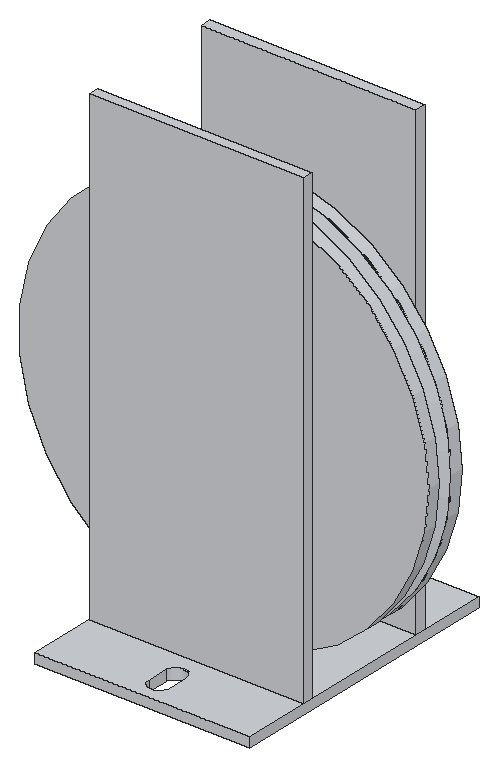
Revit family "Down direction governor", category Generic Models, Revit 2021
Family settings
  Can host rebar = No
  Round Connector Dimension = Use Diameter
  Part Type = Normal
  Work Plane-Based = No
  Always vertical = Yes
  Cut with Voids When Loaded = No
  Shared = No
  Room Calculation Point = No
Parameters (values of type "Governor Bi-Directional")
  GovernorType = "Bi-directional"
  Governor_RatedSpeed = 1.5 m/s
  Pulley Width = 32 mm
  Pulley Vertical Centre Line = 16 mm
  Pulley Support Plate Width = 116 mm
  Pulley Support Plate Thickness = 8 mm
  Pulley Support Plate Overall Height = Base Plate Height + Pulley Support Plate Height  # 370 mm
  Pulley Support Plate Height = 362 mm
  Pulley Shaft Radius = 30 mm
  Pulley Shaft Diameter = 60 mm
  Pulley Radius = 157.5 mm
  Pulley Groove Depth = 14 mm
  Governor_Diameter = 320 mm
  Pulley Centre Line = 170 mm
  Mounting Plate Hole Positioning 2 = 78 mm
  Inner Groove Width = 5 mm
  Groove Width = 12 mm
  Governor_GrooveDepth = 14 mm
  Governor_GrooveAngle = 40.00°
  Default Elevation = 0 mm
  Base Plate Width = 165 mm
  Base Plate Mounting Positioning 2 = 46 mm
  Base Plate Mounting Hole Positioning = 16 mm
  Base Plate Mounting Hole Diameter = 16 mm
  Base Plate Length = 220 mm
  Base Plate Height = 8 mm
Reference planes
  plane 1 "Center (Front/Back)": y = 0
  plane 2: z = 0
  plane 3 "Center (Left/Right)": x = 0
Forms (mm)
  Extrusion 1, solid
    sketch origin (0, 0, 0) x (1, 0, 0) y (0, 1, 0)
      loop
        line (-82.5, 110) -> (-82.5, -110) -> (82.5, -110) -> (82.5, 110) -> (-82.5, 110)
      loop
        line (-8, -78) -> (-8, -94)
        arc (-8, -94) -> (0, -102) -> (8, -94) r 8
        line (8, -94) -> (8, -78)
        arc (8, -78) -> (0, -70) -> (-8, -78) r 8
      loop
        line (8, 78) -> (8, 94)
        arc (8, 94) -> (0, 102) -> (-8, 94) r 8
        line (-8, 94) -> (-8, 78)
        arc (-8, 78) -> (0, 70) -> (8, 78) r 8
    from 0 to 8 <- "Base Plate Height"
  Extrusion 2, solid
    sketch origin (0, 0, 0) x (1, 0, 0) y (0, 1, 0)
      loop
        line (-82.5, -58) -> (82.5, -58) -> (82.5, -50) -> (-82.5, -50) -> (-82.5, -58)
      loop
        line (-82.5, 50) -> (82.5, 50) -> (82.5, 58) -> (-82.5, 58) -> (-82.5, 50)
    from 8 <- "Base Plate Height" to 370 <- "Pulley Support Plate Overall Height"
  Revolve 3, solid
    sketch origin (0, 0, 0) x (0, 1, 0) y (0, 0, 1)
      loop
        line (0, 200) -> (0, 327.5) -> (-10, 327.5) -> (-13.5, 317.884) -> (-13.5, 313.5) -> (-18.5, 313.5) -> (-18.5, 317.884) -> (-22, 327.5) -> (-32, 327.5) -> (-32, 200) -> (-50, 200) -> (-50, 170) -> (50, 170) -> (50, 200) -> (0, 200)
      axis (50, 170) -> (-50, 170)
    angle from 0 to 360
Lines and regions (mm)
  reference lines
    curve 1: line (0, 0, 170) -> (0, -170, 170)
    curve 2: line (0, -16, 394.642) -> (0, -16, -15.358)
Dimensions and locks
  equal spacing: Extrusion 1 sketch curve, plane 1 "Center (Front/Back)", Extrusion 1 sketch curve
  equal spacing: Extrusion 1 sketch curve, plane 3 "Center (Left/Right)", Extrusion 1 sketch curve  (x3)
  "Base Plate Width": Extrusion 1 sketch curve to Extrusion 1 sketch curve
  "Base Plate Length": Extrusion 1 sketch curve to Extrusion 1 sketch curve
  "Pulley Support Plate Width": Extrusion 2 sketch curve to Extrusion 2 sketch curve
  equal spacing: Extrusion 2 sketch curve, plane 1 "Center (Front/Back)", Extrusion 2 sketch curve  (x2)
  "Pulley Support Plate Thickness": Extrusion 2 sketch curve to Extrusion 2 sketch curve
  "Base Plate Mounting Hole Diameter": Extrusion 1 sketch curve to Extrusion 1 sketch curve  (x2)
  "Base Plate Mounting Hole Positioning": Extrusion 1 sketch curve to Extrusion 1 sketch curve  (x2)
  "Mounting Plate Hole Positioning 2": Extrusion 1 sketch curve to plane 1 "Center (Front/Back)"
  "Pulley Centre Line": curve 1 to level
  "Pulley Shaft Radius": curve 1 to Revolve 3 sketch curve
  "Pulley Width": Revolve 3 sketch curve to plane 1 "Center (Front/Back)"
  plane 1 "Center (Front/Back)" to Extrusion 2 = 50 mm
  "Pulley Vertical Centre Line": curve 2 to plane 1 "Center (Front/Back)"
  equal spacing: Revolve 3 sketch curve, curve 2, Revolve 3 sketch curve  (x3)
  equal spacing: Revolve 3 sketch curve, plane 1 "Center (Front/Back)", Extrusion 2
  "Inner Groove Width": Revolve 3 sketch curve to Revolve 3 sketch curve
  "Pulley Radius": Revolve 3 sketch curve to Revolve 3 sketch curve  (x2)
  "Groove Width": Revolve 3 sketch curve to Revolve 3 sketch curve
  "Governor_GrooveDepth": Revolve 3 sketch curve to Revolve 3 sketch curve
  "Mounting Plate Hole Positioning 2": plane 1 "Center (Front/Back)" to Extrusion 1 sketch curve
  "Governor_GrooveAngle": angle Revolve 3 sketch curve to Revolve 3 sketch curve
  aligned and locked: level to plane 2
Automatic sketch dimensions
  Extrusion 2 sketch curve to plane 3 "Center (Left/Right)" = 82.5 mm  (x2)
  plane 3 "Center (Left/Right)" to Extrusion 2 sketch curve = 82.5 mm  (x2)
  curve 1 to plane 1 "Center (Front/Back)" = 0 mm
  plane 1 "Center (Front/Back)" to curve 1 = 170 mm
  curve 2 to level = 15.358 mm
  curve 1 to curve 2 = 224.642 mm
  Revolve 3 sketch curve to plane 1 "Center (Front/Back)" = 0 mm
  Revolve 3 sketch curve to plane 1 "Center (Front/Back)" = 50 mm
  Revolve 3 sketch curve to Revolve 3 sketch curve = 0 mm
  Revolve 3 sketch curve to Revolve 3 sketch curve = 30 mm
  Revolve 3 sketch curve to Revolve 3 sketch curve = 113.5 mm
  Revolve 3 sketch curve to Revolve 3 sketch curve = 4.384 mm
  Revolve 3 sketch curve to Revolve 3 sketch curve = 120 mm
